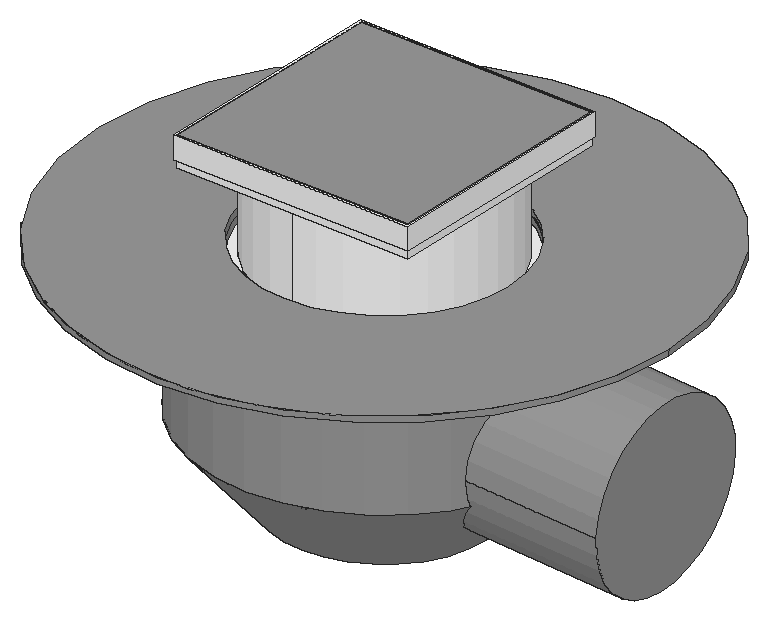
Revit family "HL_RU_Roof drain_HL64BF-B-221103", category Instalační zařizovací předměty, Revit 2021
Family settings
  Kóta kulaté spojky = Použít průměr
  Typ dílu = Normální
  Číslo OmniClass = 23.70.50.21.24.14
  Nadpis OmniClass = Deck Waste Water Drains
  Založené na pracovní rovině = Ne
  Vždy vertikální = Ano
  Ořezat dutým tvarem při načtení = Ne
  Sdílené = Ne
  Bod výpočtu místnosti = Ano
Parameters (values of type "HL_Кровельная воронка_HL64BF_1")
  РЕШЁТКА = "Edelstahl 137x137mm"
  РАЗМЕР = "DN110"
  ПРОПУСКНАЯ СПОСОБНОСТЬ [instance] = 0.0 L/s
  ПРОИЗВОДИТЕЛЬНОСТЬ = "3,7 l/s"
  ПРАВОВАЯ ИНФОРМАЦИЯ = "Авторские права(©), права на дизайн или какие либо другие права интелектуальной собственности являются исключительной собственностью компании HL Hutterer & Lechner. Изменению не подлежит. Файл семейства с данными о прозводителе изделия защищен паролем с водяным знаком."
  НОМИНАЛЬНЫЙ ДИАМЕТР = 110 mm
  НАСАДКА = "19-65mm/148x148mm"
  МАТЕРИАЛ = "PP"
  МАКСИМАЛЬНАЯ НАГРУЗКА КЛАССА = "K - 300 kg"
  ВЕС = "1,08 [kg]"
  Výchozí výška = 0 mm
  Výrobce = "HL Hutterer & Lechner GmbH"  # constant formula
  URL = "http://www.hutterer-lechner.com/ru/products/catalog/roof-drains/HL64BF/1.aspx"
  Материал плитка [instance] = none
  Přípoj ventilace = no
  Přípoj odpadních dílů = yes
  Přípoj HW = no
  Přípoj CW = no
  Popis = "Кровельные воронки"
  Model = "HL64BF_1"
  Assembly Code = " "
  Komentáře k typům = "HL64BF/1 Кровельная воронка DN110 для эксплуатируемой кровли, горизонтальный выпуск, с ПП_фланцем.,"
  Keynote = "HL64BF_1"
  EAN = "9003076031627"
  Bысота монтажа [instance] = 65 mm  # constant formula
  G [instance] = 90.00°  # constant formula
  D [instance] = if(НОМИНАЛЬНЫЙ ДИАМЕТР = 75 mm, 162.8 mm, 178 mm)  # 178 mm
  C [instance] = if(Bысота монтажа - 68 mm < 0 mm, 0 mm, Bысота монтажа - 68 mm)  # 0 mm
  B [instance] = Bысота монтажа + if(НОМИНАЛЬНЫЙ ДИАМЕТР = 75 mm, 101 mm, 84 mm)  # 149 mm
  A [instance] = if(B - 100 mm > 15 mm, B - 100 mm, 15 mm)  # 49 mm
Types (3, lengths in mm): name | РАЗМЕР | НОМИНАЛЬНЫЙ ДИАМЕТР | ВЕС | URL | Model | Komentáře k typům | Keynote | EAN | D | B | A
  (no name) | "DN110" | 110 | "1,08 [kg]" | "http://www.hutterer-lechner.com/ru/products/catalog/roof-drains/HL64BF/1.aspx" | "HL64BF_1" | "HL64BF/1 Кровельная воронка DN110 для эксплуатируемой кровли, горизонтальный выпуск, с ПП_фланцем.," | "HL64BF_1" | "9003076031627" | 178 | 149 | 49
  HL_Кровельная воронка_HL64BF_1 | "DN110" | 110 | "1,08 [kg]" | "http://www.hutterer-lechner.com/ru/products/catalog/roof-drains/HL64BF/1.aspx" | "HL64BF_1" | "HL64BF/1 Кровельная воронка DN110 для эксплуатируемой кровли, горизонтальный выпуск, с ПП_фланцем.," | "HL64BF_1" | "9003076031627" | 178 | 149 | 49
  HL_Кровельная воронка_HL64BF_7 | "DN75" | 75 | "1,04 [kg]" | "http://www.hutterer-lechner.com/ru/products/catalog/roof-drains/HL64BF/7.aspx" | "HL64BF_7" | "HL64BF/7 Кровельная воронка DN75 для эксплуатируемой кровли, горизонтальный выпуск, с ПП_фланцем.," | "HL64BF_7" | "9003076031603" | 162.8 | 166 | 66
Reference planes
  plane 1 "Center (Front/Back)": y = 0
  plane 2: z = 0
  plane 3 "Center (Left/Right)": x = 0
  plane 4: z = -149
  plane 5: z = -65
Lines and regions (mm)
  model lines, style "InvisibleLines"
    curve 1: line (0, 0, 0) -> (0, 0, 20)
  model lines, style "PlumbingFixtures", detail levels coarse+medium
    curve 2: line (0, 0, -149) -> (0, 0, -100)
    curve 3: line (0, 0, -100) -> (-100, 0, 0)
    curve 4: line (0, 0, -100) -> (100, 0, 0)
    curve 6: line (0, 0, -149) -> (178, 0, -149)
  reference lines, not visible
    curve 5: line (0, 0, -149) -> (178, 0, -149)
  symbolic lines, style "PlumbingFixtures", detail levels coarse+medium
    curve 7: line (-75, 75, 0) -> (75, 75, 0)
    curve 8: line (-75, -75, 0) -> (-75, 75, 0)
    curve 9: line (75, -75, 0) -> (-75, -75, 0)
    curve 10: line (75, 75, 0) -> (75, -75, 0)
    curve 11: line (-75, 75, 0) -> (-145.711, 145.711, 0)
    curve 12: line (75, 75, 0) -> (145.711, 145.711, 0)
    curve 13: line (-75, -75, 0) -> (-145.711, -145.711, 0)
    curve 14: line (75, -75, 0) -> (145.711, -145.711, 0)
  symbolic lines, style "PlumbingFixtures", not visible, detail levels coarse+medium
    curve 15: line (-75, 75, 0) -> (75, 75, 0)
    curve 16: line (-75, -75, 0) -> (-75, 75, 0)
    curve 17: line (75, -75, 0) -> (-75, -75, 0)
    curve 18: line (75, 75, 0) -> (75, -75, 0)
    curve 19: line (-75, 75, 0) -> (-145.711, 145.711, 0)
    curve 20: line (75, 75, 0) -> (145.711, 145.711, 0)
    curve 21: line (-75, -75, 0) -> (-145.711, -145.711, 0)
    curve 22: line (75, -75, 0) -> (145.711, -145.711, 0)
Text (mm)
  text "FLOOR" at (-162.344, 0, -10.979), in view "Drain Construction View"
Dimensions and locks
  "B": plane 2 to plane 4
  "Bысота монтажа": plane 2 to plane 5
  "A": curve 4 to plane 4
  "D": curve 5 to curve 5
  "D": curve 6 to curve 6
  locked: curve 4 to plane 3 "Center (Left/Right)" (angle 45.00°)
  locked: plane 3 "Center (Left/Right)" to curve 3 (angle 45.00°)
  "G": angle curve 5 to plane 3 "Center (Left/Right)"
  aligned and locked: level to plane 2
  aligned and locked: plane 2 to curve 4
  aligned and locked: plane 2 to curve 3
  aligned and locked: plane 4 to curve 5
  aligned and locked: plane 3 "Center (Left/Right)" to curve 5
  aligned and locked: plane 4 to curve 2
  aligned and locked: plane 3 "Center (Left/Right)" to curve 6
  aligned and locked: plane 4 to curve 6
  aligned and locked: plane 2 to nested 1
  aligned and locked: plane 3 "Center (Left/Right)" to nested 1
  aligned and locked: nested 2 to plane 5
Automatic sketch dimensions
  curve 2 to plane 3 "Center (Left/Right)" = 0 mm
  curve 1 to plane 3 "Center (Left/Right)" = 0 mm
  curve 1 to level = 0 mm
  level to curve 1 = 20 mm
Nested families
  nested 1: "HL_Насадка_HL66.9S" at (0, 0, 0), Bысота монтажа <- "Bысота монтажа", type "HL_Grate frame_HL66.9S"
    with L 93 mm, IHmin 12 mm, IHmax 65 mm, Bысота монтажа 65 mm
  nested 2: "HL_кровельные воронки - корпус_HL64F" at (0, 0, -65), НОМИНАЛЬНЫЙ ДИАМЕТР <- "НОМИНАЛЬНЫЙ ДИАМЕТР", type "HL_кровельные воронки - корпус_HL64F"
    with НОМИНАЛЬНЫЙ ДИАМЕТР 110 mm, L 178 mm, B 84 mm, A 75 mm
Connectors
  piping at (178, 0, -149), diameter 110, driven by "ПРОПУСКНАЯ СПОСОБНОСТЬ", driven by "НОМИНАЛЬНЫЙ ДИАМЕТР"
    settings: on curve 5, index 1, connector inside diameter 609.6 mm, connector length 0 mm, flow factor 0, pipe flow 0.0 L/s, pressure drop 0.0 Pa, fitting loss kfactor 0, connector angle 0.00°, fixture units 0, engagement length 0 mm, angle of deflection 0.00°, flow configuration 1, flow direction 2, fitting loss method 0, system type 16, joint type 0, gender type 0, connector reference index -1, connector utility 0, adjustable connector yes, is connector primary yes, connector description ""
Definition of nested family "HL_Насадка_HL66.9S"
  Parameters (values of type "HL_Grate frame_HL66.9S")
    РЕШЁТКА = "Edelstahl 138x138mm"
    РАЗМЕР = "d 145 mm"
    ПРАВОВАЯ ИНФОРМАЦИЯ = "Авторские права(©), права на дизайн или какие либо другие права интелектуальной собственности являются исключительной собственностью компании HL Hutterer & Lechner. Изменению не подлежит. Файл семейства с данными о прозводителе изделия защищен паролем с водяным знаком."
    НАСАДКА = "147x147mm"
    МАТЕРИАЛ = "PP"
    МАКСИМАЛЬНАЯ НАГРУЗКА КЛАССА = "K - 300 kg"
    ВЫСОТА МОНТАЖА = "12-65mm"
    Материал плитка = none
    ВЕС = "0,345 [kg]"
    Default Elevation = 0 mm
    L [instance] = if(Bысота монтажа < IHmin, -100 mm, if(Bысота монтажа > IHmax, -100 mm, Bысота монтажа + 28 mm))  # 93 mm
    Manufacturer = "HL Hutterer & Lechner GmbH"
    URL = "http://www.hutterer-lechner.com/ru/products/catalog/roof-drains/HL66.9.aspx"
    Description = "Кровельные воронки"
    Model = "HL66.9"
    Type Comments = "HL66.9, Насадка d 145мм с бороздками/147х147мм/138х138мм"
    Keynote = "HL66.9"
    Bысота монтажа [instance] = 65 mm
    IHmin [instance] = 12 mm
    IHmax [instance] = 65 mm
    EAN = "9003076014606"
    Cost = 0
  Reference planes
    plane 1 "Střed (vpředu/vzadu)": y = 0
    plane 2: z = 0
    plane 3 "Střed (vlevo/vpravo)": x = 0
  Forms (mm)
    Revolve 1, solid, detail levels fine
      sketch origin (0, 0, 128) x (0, 1, 0) y (0, 0, 1)
        loop
          line (72.5, -142) -> (69.248, -142) -> (69.248, -221) -> (72.5, -221) -> (72.5, -142)
        axis (0, -142) -> (0, -221)
      angle from 0 to 360
    Extrusion 2, solid, detail levels fine
      sketch origin (-1.537, 0, -14.6) x (0, 1, 0) y (-1, 0, 0)
        loop
          line (74, 72.459) -> (-74, 72.459) -> (-74, -75.537) -> (74, -75.537) -> (74, 72.459)
        loop
          line (73, 71.463) -> (-73, 71.463) -> (-73, -74.537) -> (73, -74.537) -> (73, 71.463)
      from 0.6 to 14.6
    Extrusion 3, solid, detail levels fine
      sketch origin (-1.537, 0, -14) x (-1, 0, 0) y (0, 1, 0)
        loop
          line (71.463, 73) -> (-74.537, 73) -> (-74.537, -73) -> (71.463, -73) -> (71.463, 73)
        loop
          circle (-1.537, 0) r 72.5
      from 0 to 5
    Extrusion 4, solid, detail levels fine
      sketch origin (-1.537, 0, -14) x (-1, 0, 0) y (0, -1, 0)
        loop
          line (70.95, -72.397) -> (70.95, 72.463) -> (-74.05, 72.463) -> (-74.05, -72.397) -> (70.95, -72.397)
      from 0 to 14
    Revolve 5, solid, detail levels fine
      sketch origin (0, 75.989, -93) x (0, -1, 0) y (0, 0, -1)
        loop
          line (3.489, -20) -> (3.489, 0) -> (0.186, 0) -> (-2.325, -2.511) -> (-2.325, -20) -> (3.489, -20)
        axis (75.989, -20) -> (75.989, 0)
      angle from 0 to 360
  Lines and regions (mm)
    model lines, detail levels fine
      curve 1: line (36.25, 24.325, 0) -> (36.25, -24.42, 0)
      curve 2: line (43.75, -24.42, 0) -> (43.75, 24.325, 0)
      curve 3: line (52.25, 40.306, 0) -> (52.25, -40.355, 0)
      curve 4: line (59.75, -40.355, 0) -> (59.75, 40.306, 0)
      curve 5: line (20.25, 8.588, 0) -> (20.25, -8.684, 0)
      curve 6: line (27.75, -8.684, 0) -> (27.75, 8.588, 0)
      curve 7: arc (27.75, 8.588, 0) -> (24, 12.338, 0) -> (20.25, 8.588, 0) r 3.75
      curve 8: arc (20.25, -8.684, 0) -> (24, -12.434, 0) -> (27.75, -8.684, 0) r 3.75
      curve 9: arc (36.25, -24.42, 0) -> (40, -28.17, 0) -> (43.75, -24.42, 0) r 3.75
      curve 10: arc (43.75, 24.325, 0) -> (40, 28.075, 0) -> (36.25, 24.325, 0) r 3.75
      curve 11: arc (59.75, 40.306, 0) -> (56, 44.056, 0) -> (52.25, 40.306, 0) r 3.75
      curve 12: arc (52.25, -40.355, 0) -> (56, -44.105, 0) -> (59.75, -40.355, 0) r 3.75
      curve 13: line (-24.325, -36.25, 0) -> (24.42, -36.25, 0)
      curve 14: line (24.42, -43.75, 0) -> (-24.325, -43.75, 0)
      curve 15: line (-40.306, -52.25, 0) -> (40.355, -52.25, 0)
      curve 16: line (40.355, -59.75, 0) -> (-40.306, -59.75, 0)
      curve 17: line (-8.588, -20.25, 0) -> (8.684, -20.25, 0)
      curve 18: line (8.684, -27.75, 0) -> (-8.588, -27.75, 0)
      curve 19: arc (-8.588, -27.75, 0) -> (-12.338, -24, 0) -> (-8.588, -20.25, 0) r 3.75
      curve 20: arc (8.684, -20.25, 0) -> (12.434, -24, 0) -> (8.684, -27.75, 0) r 3.75
      curve 21: arc (24.42, -36.25, 0) -> (28.17, -40, 0) -> (24.42, -43.75, 0) r 3.75
      curve 22: arc (-24.325, -43.75, 0) -> (-28.075, -40, 0) -> (-24.325, -36.25, 0) r 3.75
      curve 23: arc (-40.306, -59.75, 0) -> (-44.056, -56, 0) -> (-40.306, -52.25, 0) r 3.75
      curve 24: arc (40.355, -52.25, 0) -> (44.105, -56, 0) -> (40.355, -59.75, 0) r 3.75
      curve 25: line (36.25, -24.42, 0) -> (36.25, 24.325, 0)
      curve 26: line (43.75, 24.325, 0) -> (43.75, -24.42, 0)
      curve 27: line (52.25, -40.355, 0) -> (52.25, 40.306, 0)
      curve 28: line (59.75, 40.306, 0) -> (59.75, -40.355, 0)
      curve 29: line (20.25, -8.684, 0) -> (20.25, 8.588, 0)
      curve 30: line (27.75, 8.588, 0) -> (27.75, -8.684, 0)
      curve 31: arc (27.75, -8.588, 0) -> (24, -12.338, 0) -> (20.25, -8.588, 0) r 3.75
      curve 32: arc (20.25, 8.684, 0) -> (24, 12.434, 0) -> (27.75, 8.684, 0) r 3.75
      curve 33: arc (36.25, 24.42, 0) -> (40, 28.17, 0) -> (43.75, 24.42, 0) r 3.75
      curve 34: arc (43.75, -24.325, 0) -> (40, -28.075, 0) -> (36.25, -24.325, 0) r 3.75
      curve 35: arc (59.75, -40.306, 0) -> (56, -44.056, 0) -> (52.25, -40.306, 0) r 3.75
      curve 36: arc (52.25, 40.355, 0) -> (56, 44.105, 0) -> (59.75, 40.355, 0) r 3.75
      curve 37: line (24.42, -36.25, 0) -> (-24.325, -36.25, 0)
      curve 38: line (-24.325, -43.75, 0) -> (24.42, -43.75, 0)
      curve 39: line (40.355, -52.25, 0) -> (-40.306, -52.25, 0)
      curve 40: line (-40.306, -59.75, 0) -> (40.355, -59.75, 0)
      curve 41: line (8.684, -20.25, 0) -> (-8.588, -20.25, 0)
      curve 42: line (-8.588, -27.75, 0) -> (8.684, -27.75, 0)
      curve 43: arc (8.588, -27.75, 0) -> (12.338, -24, 0) -> (8.588, -20.25, 0) r 3.75
      curve 44: arc (-8.684, -20.25, 0) -> (-12.434, -24, 0) -> (-8.684, -27.75, 0) r 3.75
      curve 45: arc (-24.42, -36.25, 0) -> (-28.17, -40, 0) -> (-24.42, -43.75, 0) r 3.75
      curve 46: arc (24.325, -43.75, 0) -> (28.075, -40, 0) -> (24.325, -36.25, 0) r 3.75
      curve 47: arc (40.306, -59.75, 0) -> (44.056, -56, 0) -> (40.306, -52.25, 0) r 3.75
      curve 48: arc (-40.355, -52.25, 0) -> (-44.105, -56, 0) -> (-40.355, -59.75, 0) r 3.75
      curve 49: line (-36.25, 24.325, 0) -> (-36.25, -24.325, 0)
      curve 50: line (-43.75, -24.325, 0) -> (-43.75, 24.325, 0)
      curve 51: line (-52.25, 40.306, 0) -> (-52.25, -40.306, 0)
      curve 52: line (-59.75, -40.306, 0) -> (-59.75, 40.306, 0)
      curve 53: line (-20.25, 8.588, 0) -> (-20.25, -8.588, 0)
      curve 54: line (-27.75, -8.684, 0) -> (-27.75, 8.588, 0)
      curve 55: arc (-27.75, 8.588, 0) -> (-24, 12.338, 0) -> (-20.25, 8.588, 0) r 3.75
      curve 56: arc (-20.25, -8.684, 0) -> (-24, -12.434, 0) -> (-27.75, -8.684, 0) r 3.75
      curve 57: arc (-43.75, 24.325, 0) -> (-40, 28.075, 0) -> (-36.25, 24.325, 0) r 3.75
      curve 58: arc (-59.75, 40.306, 0) -> (-56, 44.056, 0) -> (-52.25, 40.306, 0) r 3.75
      curve 59: line (-36.25, -24.325, 0) -> (-36.25, 24.325, 0)
      curve 60: line (-43.75, 24.325, 0) -> (-43.75, -24.325, 0)
      curve 61: line (-52.25, -40.306, 0) -> (-52.25, 40.306, 0)
      curve 62: line (-59.75, 40.306, 0) -> (-59.75, -40.306, 0)
      curve 63: line (-20.25, -8.588, 0) -> (-20.25, 8.588, 0)
      curve 64: line (-27.75, 8.588, 0) -> (-27.75, -8.684, 0)
      curve 65: arc (-27.75, -8.588, 0) -> (-24, -12.338, 0) -> (-20.25, -8.588, 0) r 3.75
      curve 66: arc (-20.25, 8.684, 0) -> (-24, 12.434, 0) -> (-27.75, 8.684, 0) r 3.75
      curve 67: arc (-36.25, 24.42, 0) -> (-40, 28.17, 0) -> (-43.75, 24.42, 0) r 3.75
      curve 68: arc (-43.75, -24.325, 0) -> (-40, -28.075, 0) -> (-36.25, -24.325, 0) r 3.75
      curve 69: arc (-59.75, -40.306, 0) -> (-56, -44.056, 0) -> (-52.25, -40.306, 0) r 3.75
      curve 70: arc (-52.25, 40.355, 0) -> (-56, 44.105, 0) -> (-59.75, 40.355, 0) r 3.75
      curve 71: line (-24.42, 36.25, 0) -> (24.325, 36.25, 0)
      curve 72: line (24.42, 43.75, 0) -> (-24.42, 43.75, 0)
      curve 73: line (-40.355, 52.25, 0) -> (40.306, 52.25, 0)
      curve 74: line (40.306, 59.75, 0) -> (-40.355, 59.75, 0)
      curve 75: line (-8.588, 20.25, 0) -> (8.588, 20.25, 0)
      curve 76: line (8.684, 27.75, 0) -> (-8.588, 27.75, 0)
      curve 77: arc (-8.588, 27.75, 0) -> (-12.338, 24, 0) -> (-8.588, 20.25, 0) r 3.75
      curve 78: arc (8.684, 20.25, 0) -> (12.434, 24, 0) -> (8.684, 27.75, 0) r 3.75
      curve 79: arc (24.42, 36.25, 0) -> (28.17, 40, 0) -> (24.42, 43.75, 0) r 3.75
      curve 80: line (24.325, 36.25, 0) -> (-24.42, 36.25, 0)
      curve 81: line (-24.42, 43.75, 0) -> (24.42, 43.75, 0)
      curve 82: line (40.306, 52.25, 0) -> (-40.355, 52.25, 0)
      curve 83: line (-40.355, 59.75, 0) -> (40.306, 59.75, 0)
      curve 84: line (8.588, 20.25, 0) -> (-8.588, 20.25, 0)
      curve 85: line (-8.588, 27.75, 0) -> (8.684, 27.75, 0)
      curve 86: arc (8.588, 27.75, 0) -> (12.338, 24, 0) -> (8.588, 20.25, 0) r 3.75
      curve 87: arc (-8.684, 20.25, 0) -> (-12.434, 24, 0) -> (-8.684, 27.75, 0) r 3.75
      curve 88: arc (-24.42, 36.25, 0) -> (-28.17, 40, 0) -> (-24.42, 43.75, 0) r 3.75
      curve 89: arc (24.325, 43.75, 0) -> (28.075, 40, 0) -> (24.325, 36.25, 0) r 3.75
      curve 90: arc (40.306, 59.75, 0) -> (44.056, 56, 0) -> (40.306, 52.25, 0) r 3.75
      curve 91: arc (-40.355, 52.25, 0) -> (-44.105, 56, 0) -> (-40.355, 59.75, 0) r 3.75
    reference lines
      curve 92: line (0, 75.989, -93) -> (0, -174.011, -93)
  Dimensions and locks
    Extrusion 2 sketch curve to Extrusion 2 sketch curve = 147.996 mm
    Extrusion 2 sketch curve to Extrusion 2 sketch curve = 148 mm
    "L": curve 92 to plane 2
    aligned and locked: level to plane 2
    aligned and locked: Revolve 1 to curve 92
  Automatic sketch dimensions
    plane 1 "Střed (vpředu/vzadu)" to Extrusion 2 sketch curve = 74 mm
    Extrusion 2 sketch curve to Extrusion 2 sketch curve = 1 mm  (x3)
    plane 3 "Střed (vlevo/vpravo)" to Extrusion 2 sketch curve = 74 mm
    Extrusion 2 sketch curve to Extrusion 2 sketch curve = 0.996 mm
    Extrusion 3 sketch curve to Extrusion 2 = 0 mm  (x4)
    Extrusion 3 sketch curve to Extrusion 2 = 73 mm  (x2)
    Extrusion 2 to curve 16 = 13.25 mm
    curve 24 to curve 47 = 3.75 mm
    curve 47 to curve 24 = 0 mm
    curve 48 to curve 23 = 0 mm  (x2)
    curve 23 to curve 38 = 8.5 mm
    curve 24 to curve 12 = 11.895 mm
    curve 12 to curve 35 = 0.048 mm
    curve 15 to curve 69 = 11.944 mm
    curve 22 to curve 45 = 3.75 mm
    curve 21 to curve 46 = 3.75 mm
    curve 46 to curve 21 = 0 mm
    curve 22 to curve 18 = 8.5 mm
    curve 21 to curve 9 = 11.83 mm
    curve 13 to curve 49 = 11.925 mm
    curve 9 to curve 34 = 0.095 mm
    curve 18 to curve 19 = 3.75 mm
    curve 44 to curve 19 = 0 mm  (x2)
    curve 43 to curve 20 = 0 mm
    curve 20 to curve 5 = 11.566 mm
    curve 49 to curve 64 = 15.642 mm
    curve 8 to curve 31 = 0.095 mm
    curve 56 to curve 53 = 0.095 mm
    curve 65 to curve 64 = 17.177 mm
    curve 31 to curve 29 = 17.177 mm
    curve 7 to curve 32 = 0.095 mm
    curve 55 to curve 66 = 0.095 mm
    curve 32 to curve 84 = 11.566 mm
    curve 86 to curve 78 = 3.75 mm
    curve 86 to curve 78 = 0 mm
    curve 77 to curve 87 = 3.75 mm
    curve 87 to curve 77 = 0 mm  (x2)
    curve 66 to curve 60 = 15.642 mm
    curve 32 to curve 26 = 15.642 mm
    curve 10 to curve 33 = 0.095 mm
    curve 57 to curve 67 = 0.095 mm
    curve 33 to curve 71 = 11.83 mm
    curve 89 to curve 89 = 3.75 mm
    curve 88 to curve 88 = 3.75 mm
    curve 89 to curve 79 = 0 mm
    curve 33 to curve 11 = 15.886 mm
    curve 67 to curve 51 = 15.886 mm
    curve 58 to curve 70 = 0.048 mm
    curve 11 to curve 36 = 0.048 mm
    curve 70 to curve 73 = 11.895 mm
    curve 90 to curve 90 = 3.75 mm
    Extrusion 2 to curve 28 = 13.25 mm
    curve 4 to curve 11 = 3.75 mm
    curve 35 to curve 12 = 0 mm
    curve 36 to curve 11 = 0 mm
    curve 3 to curve 2 = 8.5 mm
    curve 3 to curve 39 = 11.895 mm
    curve 11 to curve 83 = 11.944 mm
    curve 24 to curve 47 = 0.048 mm
    curve 26 to curve 9 = 3.75 mm
    curve 33 to curve 10 = 0 mm
    curve 34 to curve 9 = 0 mm
    curve 34 to curve 30 = 8.5 mm
    curve 90 to curve 72 = 15.886 mm
    curve 1 to curve 21 = 11.83 mm
    curve 79 to curve 80 = 0.095 mm
    curve 21 to curve 46 = 0.095 mm
    curve 6 to curve 32 = 3.75 mm
    curve 6 to curve 8 = 3.75 mm
    curve 31 to curve 8 = 0 mm
    curve 29 to curve 17 = 11.566 mm
    curve 7 to curve 78 = 11.566 mm
    curve 78 to curve 86 = 0.095 mm
    curve 20 to curve 43 = 0.095 mm
    curve 43 to curve 41 = 17.177 mm
    curve 86 to curve 77 = 17.177 mm
    curve 19 to curve 44 = 0.095 mm
    curve 77 to curve 87 = 0.095 mm
    curve 87 to curve 53 = 11.566 mm
    curve 53 to curve 66 = 3.75 mm
    curve 55 to curve 66 = 0 mm
    curve 56 to curve 54 = 3.75 mm
    curve 65 to curve 56 = 0 mm
    curve 44 to curve 14 = 15.642 mm
    curve 22 to curve 45 = 0.095 mm
    curve 87 to curve 72 = 15.736 mm
    curve 45 to curve 59 = 11.83 mm
    curve 57 to curve 67 = 3.75 mm
    curve 68 to curve 68 = 3.75 mm
    curve 45 to curve 15 = 15.886 mm
    curve 23 to curve 48 = 0.048 mm
    curve 72 to curve 74 = 15.935 mm
    curve 91 to curve 51 = 11.895 mm
    curve 51 to curve 70 = 3.75 mm
    curve 51 to curve 69 = 3.75 mm
    curve 45 to curve 22 = 0 mm
    curve 36 to curve 28 = 0 mm
    curve 33 to curve 2 = 0 mm
    curve 32 to curve 30 = 0 mm
    curve 66 to curve 55 = 0 mm
    curve 67 to curve 57 = 0 mm
    curve 70 to curve 51 = 0 mm
    Extrusion 4 sketch curve to Extrusion 3 = 0.487 mm
    Extrusion 4 sketch curve to Extrusion 3 = 0.513 mm
    Extrusion 4 sketch curve to Extrusion 3 = 0.603 mm
    Extrusion 4 sketch curve to Extrusion 3 = 0.537 mm
    Revolve 1 sketch curve to plane 1 "Střed (vpředu/vzadu)" = 0 mm
    Revolve 1 sketch curve to level = 14 mm
    Revolve 1 sketch curve to plane 1 "Střed (vpředu/vzadu)" = 69.248 mm
    Revolve 1 sketch curve to Revolve 1 sketch curve = 3.252 mm
    Revolve 1 sketch curve to Revolve 1 sketch curve = 79 mm
    Revolve 1 sketch curve to Revolve 1 sketch curve = 17.5 mm
    level to Revolve 1 sketch curve = 144.5 mm
    Revolve 5 sketch curve to curve 92 = 0 mm
    Revolve 5 sketch curve to curve 92 = 2.325 mm
    curve 92 to Revolve 5 sketch curve = 0.186 mm
    curve 92 to Revolve 5 sketch curve = 3.489 mm
    Revolve 5 sketch curve to curve 92 = 2.511 mm
    Revolve 5 sketch curve to curve 92 = 20 mm
    curve 92 to Revolve 5 sketch curve = 75.989 mm
    Revolve 5 sketch curve to curve 92 = 393 mm
    curve 92 to Revolve 5 sketch curve = 207 mm
    plane 1 "Střed (vpředu/vzadu)" to curve 92 = 174.011 mm
    curve 92 to plane 1 "Střed (vpředu/vzadu)" = 75.989 mm
    radius of Extrusion 3 sketch curve = 72.5 mm
Definition of nested family "HL_кровельные воронки - корпус_HL64F"
  Parameters (values of type "HL_кровельные воронки - корпус_HL64F")
    НОМИНАЛЬНЫЙ ДИАМЕТР [instance] = 110 mm
    Default Elevation = 0 mm
    Manufacturer = ""
    URL = ""
    Description = ""
    Model = ""
    L [instance] = if(НОМИНАЛЬНЫЙ ДИАМЕТР = 75 mm, 164 mm, 178 mm)  # 178 mm
    Type Comments = ""
    Cost = 0
    B [instance] = if(НОМИНАЛЬНЫЙ ДИАМЕТР = 75 mm, 101.3 mm, 84 mm)  # 84 mm
    A [instance] = if(НОМИНАЛЬНЫЙ ДИАМЕТР = 75 mm, 92.3 mm, 75 mm)  # 75 mm
  Reference planes
    plane 1 "Střed (vpředu/vzadu)": y = 0
    plane 2: z = 0
    plane 3 "Střed (vlevo/vpravo)": x = 0
  Forms (mm)
    Extrusion 1, solid, detail levels fine
      sketch origin (-0.006, -0.073, 0) x (1, 0, 0) y (0, 1, 0)
        loop
          circle (0, 0) r 180
        loop
          circle (0, 0) r 78.913
      from 0 to -3.5
    Extrusion 2, solid, detail levels fine
      sketch origin (-0.006, -0.073, -3.5) x (0, 1, 0) y (1, 0, 0)
        loop
          circle (0, 0) r 140
      from 0 to 18
    Extrusion 3, solid, detail levels fine
      sketch origin (-0.006, -0.073, -21.5) x (-1, 0, 0) y (0, 1, 0)
        loop
          circle (0, 0) r 110
      from 0 to 73.906
    Blend 4, solid, detail levels fine
      base sketch origin (-0.006, -0.073, -95.406) x (0, -1, 0) y (1, 0, 0)
        loop
          circle (0, 0) r 110
      top sketch origin (-0.006, -0.073, -95.406) x (0, -1, 0) y (1, 0, 0)
        loop
          circle (0, 0) r 65
      from 0 to -53
    Revolve 5, void
      sketch origin (-0.006, -0.073, 0) x (1, 0, 0) y (0, 0, 1)
        loop
          line (-78.913, 0) -> (-78.913, -16.281) -> (-74.694, -23.588) -> (-74.694, -24.914) -> (-75.511, -24.914) -> (-75.511, -30.304) -> (-64.679, -30.304) -> (-64.679, -32.804) -> (0, -32.804) -> (0, 0) -> (-78.913, 0)
        axis (0, 0) -> (0, -32.804)
      angle from 0 to 360
    Extrusion 6, solid, detail levels fine
      sketch origin (179.329, 0, -54.515) x (0, -1, 0) y (-0.050544, 0, -0.998722)
        loop
          circle (0, 29.523) r 55
      from -0.064 to -99.364
  Cuts and joins
    Revolve 5 cuts Extrusion 1
    Revolve 5 cuts Extrusion 2
    Revolve 5 cuts Extrusion 3
  Lines and regions (mm)
    reference lines
      curve 1: line (0, 0, -75) -> (177.837, 0, -84)
  Dimensions and locks
    "B": plane 2 to curve 1
    "A": plane 2 to curve 1
    "L": Extrusion 6 to curve 1
    "НОМИНАЛЬНЫЙ ДИАМЕТР": diameter of Extrusion 6 sketch curve
    aligned and locked: level to plane 2
    aligned and locked: plane 3 "Střed (vlevo/vpravo)" to curve 1
  Automatic sketch dimensions
    Extrusion 1 sketch curve to Extrusion 1 sketch curve = 0 mm  (x2)
    Extrusion 1 sketch curve to plane 3 "Střed (vlevo/vpravo)" = 0.006 mm
    plane 1 "Střed (vpředu/vzadu)" to Extrusion 1 sketch curve = 0.073 mm
    Revolve 5 sketch curve to level = 0 mm
    Revolve 5 sketch curve to plane 3 "Střed (vlevo/vpravo)" = 78.919 mm
    Revolve 5 sketch curve to Revolve 5 sketch curve = 3.401 mm
    Revolve 5 sketch curve to Revolve 5 sketch curve = 0.817 mm
    Revolve 5 sketch curve to Revolve 5 sketch curve = 10.833 mm
    Revolve 5 sketch curve to plane 3 "Střed (vlevo/vpravo)" = 0.006 mm  (x2)
    Revolve 5 sketch curve to level = 16.281 mm
    Revolve 5 sketch curve to Revolve 5 sketch curve = 7.307 mm
    Revolve 5 sketch curve to Revolve 5 sketch curve = 1.326 mm
    Revolve 5 sketch curve to Revolve 5 sketch curve = 5.39 mm
    Revolve 5 sketch curve to level = 32.804 mm
    level to Revolve 5 sketch curve = 25 mm
    Revolve 5 sketch curve to Revolve 5 sketch curve = 50 mm
    plane 3 "Střed (vlevo/vpravo)" to curve 1 = 177.837 mm
    Extrusion 6 sketch curve to plane 1 "Střed (vpředu/vzadu)" = 0 mm
    radius of Extrusion 1 sketch curve = 180 mm
    radius of Extrusion 1 sketch curve = 78.913 mm
    radius of Extrusion 2 sketch curve to Extrusion 1 = 40 mm
    radius of Extrusion 3 sketch curve to Extrusion 2 = 30 mm
    radius of Blend 4 sketch curve to Extrusion 3 = 0 mm
    radius of Blend 4 sketch curve to Extrusion 3 = 45 mm
